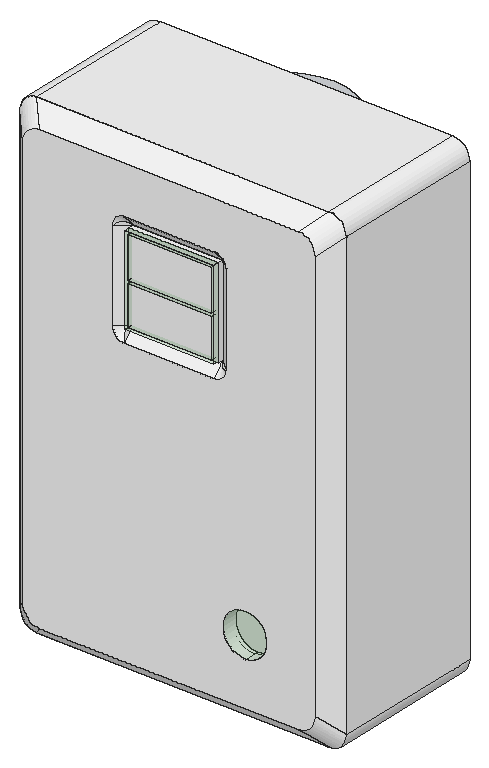
Revit family "SNS Mini Merlin CO2 AVG TFT Monitor", category Electrical Equipment, Revit 2019
Family settings
  Round Connector Dimension = Use Diameter
  Part Type = Other Panel
  OmniClass Number = 23.80.30.11.17
  OmniClass Title = Distribution Boards and Control Panels
  Work Plane-Based = No
  Always vertical = Yes
  Cut with Voids When Loaded = No
  Shared = No
  Room Calculation Point = No
Parameters (values of type "SNS Merlin CO2 24hr AVG TFT Monitor")
  Voltage = "120VAC"
  URL = "https://snsnorthern.com/product/merlin-co2-24hr-avg-tft-monitor/"
  Type Comments = "The Merlin CO2 AVG Monitor has a TFT display to show the user a clear and precise reading of the CO2 level in the room and average CO2 level over 24 & 8 hours. The monitor also provides statistics for the highest reading over a 24 hour period along with a colour system indicating the air quality in the area."
  Panel Name [instance] = (empty or 0)
  Model = "SNS Merlin CO2 24hr AVG TFT Monitor"
  Manufacturer = "S&S Northern Ltd."  # constant formula
  Load = 120 VA
  Description = "The Merlin CO2 AVG Monitor has a TFT display to show the user a clear and precise reading of the CO2 level in the room and average CO2 level over 24 & 8 hours. The monitor also provides statistics for the highest reading over a 24 hour period along with a colour system indicating the air quality in the area."
  Default Height = 4' - 0"
  Product Information = "https://snsnorthern.com/product/merlin-co2-24hr-avg-tft-monitor/"
Reference planes (in)
  plane 1 "Center (Front/Back)": y = 0
  plane 2: z = 0
  plane 3 "Center (Left/Right)": x = 0
  plane 4 "Default Height": z = 48
Forms (in)
  Extrusion 1, solid
    sketch origin (0, 0, 0) x (1, 0, 0) y (0, 1, 0)
      loop
        circle (0.00169, -0.39737) r 0.75
    from 43.60156 to 47.80315
Dimensions and locks (in)
  "Default Height": plane 4 "Default Height" to level
  aligned and locked: level to plane 2
  aligned and locked: plane 3 "Center (Left/Right)" to nested 1
  aligned and locked: nested 1 to plane 1 "Center (Front/Back)"
  aligned and locked: plane 4 "Default Height" to nested 1
Automatic sketch dimensions
  plane 3 "Center (Left/Right)" to Extrusion 1 sketch curve = 0' - 0.00169"
  plane 1 "Center (Front/Back)" to Extrusion 1 sketch curve = 0' - 0.39737"
  radius of Extrusion 1 sketch curve = 0' - 0 3/4"
Nested families (in)
  nested 1: "SNS_Mini Merlin CO2 AVG TFT Control Box" at (0, 0, 42.5), type "SNS_Mini Merlin CO2 AVG TFT Control Box"
Connectors (in)
  electrical at (0.00169, -0.39737, 43.60156)
    settings: on Extrusion 1, index 1, voltage 120 V, apparent load 0 VA, apparent load phase1 0 VA, apparent load phase2 0 VA, apparent load phase3 0 VA, power factor 1, load classification "Other", number of poles 1, system type 31, power factor state 1, is connector primary yes, connector utility yes, sub classification motor no, connector description "Power Output, 110-120AC, 50-60Hz."
  electrical at (0.00169, -0.39737, 43.60156)
    settings: on Extrusion 1, index 2, voltage 120 V, apparent load 0 VA, apparent load phase1 0 VA, apparent load phase2 0 VA, apparent load phase3 0 VA, power factor 1, load classification "Other", number of poles 1, system type 31, power factor state 1, is connector primary no, connector utility no, sub classification motor no, connector description "Mains Input 110-120VAC, 50-60HZ."
  electrical at (0.00169, -0.39737, 43.60156)
    settings: on Extrusion 1, index 3, voltage 0 V, apparent load 0 VA, apparent load phase1 0 VA, apparent load phase2 0 VA, apparent load phase3 0 VA, power factor 1, load classification "Other", number of poles 1, system type 13, power factor state 1, is connector primary no, connector utility no, sub classification motor no, connector description "Auto Reset & BMS Selection"
  electrical at (0.00169, -0.39737, 43.60156)
    settings: on Extrusion 1, index 4, voltage 0 V, apparent load 0 VA, apparent load phase1 0 VA, apparent load phase2 0 VA, apparent load phase3 0 VA, power factor 1, load classification "Other", number of poles 1, system type 13, power factor state 1, is connector primary no, connector utility no, sub classification motor no, connector description "Remote EM Stop buttons (purchased separately). VOLT FREE INPUT"
  electrical at (0.00169, -0.39737, 43.60156)
    settings: on Extrusion 1, index 5, voltage 0 V, apparent load 0 VA, apparent load phase1 0 VA, apparent load phase2 0 VA, apparent load phase3 0 VA, power factor 1, load classification "Other", number of poles 1, system type 13, power factor state 1, is connector primary no, connector utility no, sub classification motor no, connector description "Fire Panel (Supplied by others). VOLT FREE INPUT"
  electrical at (0.00169, -0.39737, 43.60156)
    settings: on Extrusion 1, index 6, voltage 0 V, apparent load 0 VA, apparent load phase1 0 VA, apparent load phase2 0 VA, apparent load phase3 0 VA, power factor 1, load classification "Other", number of poles 1, system type 13, power factor state 1, is connector primary no, connector utility no, sub classification motor no, connector description "BMS outpit contacts. Normally Closed, Common and Normally Open."
Definition of nested family "SNS_Mini Merlin CO2 AVG TFT Control Box"
  Parameters (values of type "SNS_Mini Merlin CO2 AVG TFT Control Box")
    Width [instance] = 0' - 3.74"
    Height [instance] = 0' - 5 1/2"
    Depth [instance] = 0' - 2"
  Reference planes (in)
    plane 1 "Center (Front/Back)": y = 0
    plane 2: z = 0
    plane 3 "Center (Left/Right)": x = 0
    plane 4 "Control Box Front": y = -2
    plane 5 "Control Box Left": x = -1.87
    plane 6 "Control Box Right": x = 1.87
    plane 7 "Control Box Height": z = 5.5
    plane 8: y = -1.80315
  Dimensions and locks (in)
    equal spacing: plane 5 "Control Box Left", plane 3 "Center (Left/Right)", plane 6 "Control Box Right"
    "Width": plane 5 "Control Box Left" to plane 6 "Control Box Right"
    "Height": plane 7 "Control Box Height" to level
    "Depth": plane 4 "Control Box Front" to plane 1 "Center (Front/Back)"
    locked: plane 8 to plane 4 "Control Box Front" at 0.19685
    plane 6 "Control Box Right" to plane 5 "Control Box Left" = 0' - 3.74"
    plane 6 "Control Box Right" to plane 3 "Center (Left/Right)" = 0' - 1.87"
    plane 3 "Center (Left/Right)" to plane 6 "Control Box Right" = 0' - 1.87"
    aligned and locked: level to plane 2
    aligned and locked: nested 1 to plane 1 "Center (Front/Back)"
    aligned and locked: plane 1 "Center (Front/Back)" to nested 2
    aligned and locked: nested 3 to plane 8
    aligned and locked: plane 4 "Control Box Front" to nested 1
    aligned and locked: plane 3 "Center (Left/Right)" to nested 2
    aligned and locked: plane 8 to nested 2
    aligned and locked: plane 8 to nested 3
    aligned and locked: plane 4 "Control Box Front" to nested 3
    aligned and locked: plane 7 "Control Box Height" to nested 2
    aligned and locked: plane 7 "Control Box Height" to nested 3
  Nested families (in)
    nested 1: "AGS_Detail Magenta Control Box Plan View" at (0, -1, 0), type "AGS_Detail Magenta Control Box Plan View"
      with Width 0' - 2", Length 0' - 3.74"
    nested 2: "SNS_Mini Merlin Control Box Back" at (0, 0, 0), Height <- "Height", Width <- "Width", type "SNS_Mini Merlin Control Box Back"
      with Width 0' - 3.74", Height 0' - 5 1/2", Depth 0' - 1.80315"
    nested 3: "SNS_Mini Merlin CO2 AVG TFT Control Box Cover" at (0, -1.80315, 0), Height <- "Height", Width <- "Width", type "SNS_Mini Merlin CO2 AVG TFT Control Box Cover"
      with Width 0' - 3.74", Height 0' - 5 1/2", Depth 0' - 0.19685"
  Definition of nested family "SNS_Mini Merlin Control Box Back"
    Parameters (values of type "SNS_Mini Merlin Control Box Back")
      Width [instance] = 0' - 3.7"
      Height [instance] = 0' - 5 1/2"
      Depth [instance] = 0' - 2"
    Reference planes (in)
      plane 1 "Center (Front/Back)": y = 0
      plane 2: z = 0
      plane 3 "Center (Left/Right)": x = 0
      plane 4 "Control Box Front": y = -2
      plane 5 "Control Box Left": x = -1.85
      plane 6 "Control Box Right": x = 1.85
      plane 7 "Control Box Height": z = 5.5
      plane 8 "Box Back Recess": y = -1.13386
    Forms (in)
      Extrusion 1, solid
        sketch origin (0, 0, 0) x (1, 0, 0) y (0, 0, 1)
          loop
            arc (-1.65306, 5.5) -> (-1.79232, 5.44232) -> (-1.85, 5.30306) r 0.19694
            line (-1.85, 5.30306) -> (-1.85, 0.19685)
            arc (-1.85, 0.19685) -> (-1.79234, 0.05766) -> (-1.65315, 0) r 0.19685
            line (-1.65315, 0) -> (1.65315, 0)
            arc (1.65315, 0) -> (1.79234, 0.05766) -> (1.85, 0.19685) r 0.19685
            line (1.85, 0.19685) -> (1.85, 5.30315)
            arc (1.85, 5.30315) -> (1.79234, 5.44234) -> (1.65315, 5.5) r 0.19685
            line (1.65315, 5.5) -> (-1.65306, 5.5)
        from 0.03937 to 2
    Dimensions and locks (in)
      equal spacing: plane 5 "Control Box Left", plane 3 "Center (Left/Right)", plane 6 "Control Box Right"
      "Width": plane 5 "Control Box Left" to plane 6 "Control Box Right"
      "Height": plane 7 "Control Box Height" to level
      "Depth": plane 4 "Control Box Front" to plane 1 "Center (Front/Back)"
      plane 8 "Box Back Recess" to plane 4 "Control Box Front" = 0' - 0.86614"
      plane 6 "Control Box Right" to plane 5 "Control Box Left" = 0' - 3.7"
      aligned and locked: level to plane 2
      aligned and locked: Extrusion 1 sketch curve to plane 7 "Control Box Height"
      aligned and locked: plane 5 "Control Box Left" to Extrusion 1 sketch curve
      aligned and locked: level to Extrusion 1 sketch curve
      aligned and locked: Extrusion 1 sketch curve to plane 6 "Control Box Right"
      aligned and locked: Extrusion 1 to plane 4 "Control Box Front"
    Automatic sketch dimensions
      plane 5 "Control Box Left" to Extrusion 1 sketch curve = 0' - 0.19685"
      plane 5 "Control Box Left" to Extrusion 1 sketch curve = 0' - 0.19694"
      Extrusion 1 sketch curve to plane 6 "Control Box Right" = 0' - 0.19685"
      Extrusion 1 sketch curve to Extrusion 1 sketch curve = 0' - 0.19685"
  Definition of nested family "SNS_Mini Merlin CO2 AVG TFT Control Box Cover"
    Parameters (values of type "SNS_Mini Merlin CO2 AVG TFT Control Box Cover")
      Width [instance] = 0' - 6 51/128"
      Height [instance] = 0' - 4 51/128"
      Depth [instance] = 0' - 0 51/128"
    Reference planes (in)
      plane 1 "Center (Front/Back)": y = 0
      plane 2 "Face Plate Bottom": z = 0
      plane 3 "Center (Left/Right)": x = 0
      plane 4 "Control Box Front": y = -0.39844
      plane 5 "Control Box Left": x = -1.87
      plane 6 "Control Box Right": x = 1.87
      plane 7 "Control Box Height": z = 5.5
      plane 8: x = 1.67315
      plane 9: x = -1.6825
      plane 10: z = 5.3125
      plane 11: z = 0.19685
      plane 12 "Void end": y = -0.02447
      plane 13: z = 3.93701
      plane 14 "Key Center": x = -1.22721
      plane 15 "Void End": y = -0.27344
      plane 16 "Center L/T": y = -0.33594
    Forms (in)
      Blend 1, solid
        base sketch origin (0, 0, 0) x (1, 0, 0) y (0, 0, 1)
          loop
            arc (-1.67315, 5.5) -> (-1.81234, 5.44234) -> (-1.87, 5.30315) r 0.19685
            line (-1.87, 5.30315) -> (-1.87, 0.19685)
            arc (-1.87, 0.19685) -> (-1.81234, 0.05766) -> (-1.67315, 0) r 0.19685
            line (-1.67315, 0) -> (1.67315, 0)
            arc (1.67315, 0) -> (1.81234, 0.05766) -> (1.87, 0.19685) r 0.19685
            line (1.87, 0.19685) -> (1.87, 5.30315)
            arc (1.87, 5.30315) -> (1.81234, 5.44234) -> (1.67315, 5.5) r 0.19685
            line (1.67315, 5.5) -> (-1.67315, 5.5)
        top sketch origin (0, 0, 0) x (1, 0, 0) y (0, 0, 1)
          loop
            line (-1.6825, 5.11565) -> (-1.6825, 0.3937)
            arc (-1.6825, 0.3937) -> (-1.62484, 0.25451) -> (-1.48565, 0.19685) r 0.19685
            line (-1.48565, 0.19685) -> (1.4763, 0.19685)
            arc (1.4763, 0.19685) -> (1.61549, 0.25451) -> (1.67315, 0.3937) r 0.19685
            line (1.67315, 0.3937) -> (1.67315, 5.11565)
            arc (1.67315, 5.11565) -> (1.61549, 5.25484) -> (1.4763, 5.3125) r 0.19685
            line (1.4763, 5.3125) -> (-1.48565, 5.3125)
            arc (-1.48565, 5.3125) -> (-1.62484, 5.25484) -> (-1.6825, 5.11565) r 0.19685
        from 0 to 0.39844
      Extrusion 2, void
        sketch origin (3.21536, -0.27344, -1.22938) x (0, 0, -1) y (-1, 0, 0)
          loop
            circle (-2.18577, 2.34536) r 0.25
        from -0.125 to 0.24896
      Extrusion 3, solid
        sketch origin (3.21536, -0.27344, -1.22938) x (0, 0, -1) y (-1, 0, 0)
          loop
            circle (-2.18577, 2.34536) r 0.25
        from -0.125 to 0
      Blend 4, void
        base sketch origin (0.05672, 0, -39.96077) x (1, 0, 0) y (0, 0, 1)
          loop
            line (-0.56802, 44.58477) -> (-0.56802, 43.56217) -> (0.45458, 43.56217) -> (0.45458, 44.58477) -> (-0.56802, 44.58477)
        top sketch origin (0.05672, 0, -39.96077) x (1, 0, 0) y (0, 0, 1)
          loop
            line (-0.70865, 44.58477) -> (-0.70865, 43.56217)
            arc (-0.70865, 43.56217) -> (-0.66746, 43.46273) -> (-0.56802, 43.42154) r 0.14063
            line (-0.56802, 43.42154) -> (0.45458, 43.42154)
            arc (0.45458, 43.42154) -> (0.55402, 43.46273) -> (0.59521, 43.56217) r 0.14063
            line (0.59521, 43.56217) -> (0.59521, 44.58477)
            arc (0.59521, 44.58477) -> (0.55402, 44.68421) -> (0.45458, 44.72539) r 0.14063
            line (0.45458, 44.72539) -> (-0.56802, 44.72539)
            arc (-0.56802, 44.72539) -> (-0.66746, 44.68421) -> (-0.70865, 44.58477) r 0.14063
        from 0.27344 to 0.39844
      Extrusion 5, solid
        sketch origin (0, -0.27344, 0) x (0, 0, -1) y (-1, 0, 0)
          loop
            line (-4.624, -0.5113) -> (-3.6014, -0.5113) -> (-3.6014, 0.5113) -> (-4.624, 0.5113) -> (-4.624, -0.5113)
          loop
            line (-4.59275, -0.48005) -> (-4.1127, -0.48005) -> (-4.1127, 0.48005) -> (-4.59275, 0.48005) -> (-4.59275, -0.48005)
          loop
            line (-3.63265, 0.48005) -> (-4.08145, 0.48005) -> (-4.08145, -0.48005) -> (-3.63265, -0.48005) -> (-3.63265, 0.48005)
        from -0.125 to 0
      Extrusion 6, solid
        sketch origin (0, -0.27344, 0) x (0, 0, -1) y (-1, 0, 0)
          loop
            line (-4.624, -0.5113) -> (-3.6014, -0.5113) -> (-3.6014, 0.5113) -> (-4.624, 0.5113) -> (-4.624, -0.5113)
        from -0.0625 to 0
    Cuts and joins
      Extrusion 2, Blend 4 cuts Blend 1
    Text (in)
      text "U" at (-3.5589, 0, 1.62746), in view "Front"
      text "L" at (-3.44978, 0, 1.56719), in view "Front"
      text "C              US LISTED" at (-3.69719, 0, 1.52302), in view "Front"
      text "PROC. CONT. EQ.\nE464760" at (-3.2775, 0, 1.29708), in view "Front"
    Dimensions and locks (in)
      equal spacing: plane 5 "Control Box Left", plane 3 "Center (Left/Right)", plane 6 "Control Box Right"
      plane 5 "Control Box Left" to plane 6 "Control Box Right" = 0' - 3.74"
      plane 7 "Control Box Height" to level = 0' - 5 1/2"  (x2)
      "Depth": plane 4 "Control Box Front" to plane 1 "Center (Front/Back)"
      plane 9 to plane 5 "Control Box Left" = 0' - 0 3/16"
      plane 6 "Control Box Right" to plane 8 = 0' - 0.19685"
      plane 11 to level = 0' - 0.19685"
      plane 7 "Control Box Height" to plane 10 = 0' - 0 3/16"
      plane 14 "Key Center" to plane 5 "Control Box Left" = 0' - 0.64279"
      plane 6 "Control Box Right" to plane 5 "Control Box Left" = 0' - 3.74"
      equal spacing: plane 6 "Control Box Right", plane 3 "Center (Left/Right)", plane 5 "Control Box Left"
      plane 6 "Control Box Right" to plane 3 "Center (Left/Right)" = 0' - 1.87"
      plane 6 "Control Box Right" to Extrusion 2 = 0' - 1"
      locked: plane 15 "Void End" to plane 4 "Control Box Front" at 0.125
      equal spacing: plane 15 "Void End", plane 16 "Center L/T", plane 4 "Control Box Front", locked at 0.0625 each
      locked: plane 4 "Control Box Front" to plane 1 "Center (Front/Back)" at 0.39844
      aligned and locked: level to plane 2 "Face Plate Bottom"
      aligned and locked: Blend 1 sketch curve to plane 7 "Control Box Height"
      aligned and locked: plane 5 "Control Box Left" to Blend 1 sketch curve
      aligned and locked: Blend 1 sketch curve to plane 6 "Control Box Right"
      aligned and locked: Blend 1 to plane 4 "Control Box Front"
      aligned and locked: plane 10 to Blend 1 sketch curve
      aligned and locked: plane 8 to var sketch
      aligned and locked: Extrusion 2 to plane 4 "Control Box Front"
      aligned and locked: Extrusion 2 to plane 12 "Void end"
      aligned and locked: Blend 4 to plane 4 "Control Box Front"
      aligned and locked: plane 15 "Void End" to Blend 4
      aligned and locked: Extrusion 3 to plane 4 "Control Box Front"
      aligned and locked: plane 15 "Void End" to Extrusion 3
      aligned and locked: Extrusion 6 to plane 16 "Center L/T"
      aligned and locked: Extrusion 5 to plane 4 "Control Box Front"
      aligned and locked: plane 15 "Void End" to Extrusion 5
      aligned and locked: plane 15 "Void End" to Extrusion 6
      aligned and locked: plane 4 "Control Box Front" to Extrusion 5  (x2)
      aligned and locked: plane 15 "Void End" to cut or joined group of Blend 1, Extrusion 2, Blend 4
      aligned and locked: Extrusion 6 to plane 15 "Void End"
    Automatic sketch dimensions
      Blend 1 sketch curve to level = 0' - 0"
      plane 5 "Control Box Left" to Blend 1 sketch curve = 0' - 0.19685"
      Blend 1 sketch curve to Blend 1 sketch curve = 0' - 0.19685"
      Blend 1 sketch curve to plane 6 "Control Box Right" = 0' - 0.19685"  (x2)
      plane 9 to Blend 1 sketch curve = 0' - 0"
      Blend 1 sketch curve to plane 11 = 0' - 0"
      Blend 1 sketch curve to plane 8 = 0' - 0"
      Blend 1 sketch curve to plane 9 = 0' - 0.19685"  (x2)
      Blend 1 sketch curve to plane 8 = 0' - 0.19685"  (x2)
      plane 3 "Center (Left/Right)" to Extrusion 2 sketch curve = 0' - 0.87"
      level to Extrusion 2 sketch curve = 0' - 0.9564"
      level to Extrusion 3 sketch curve = 0' - 0.9564"
      plane 3 "Center (Left/Right)" to Extrusion 3 sketch curve = 0' - 0.87"
      plane 14 "Key Center" to Blend 4 sketch curve = 0' - 0.57528"
      Blend 4 sketch curve to Blend 4 sketch curve = 0' - 0 9/64"  (x3)
      plane 3 "Center (Left/Right)" to Blend 4 sketch curve = 0' - 0.5113"  (x2)
      Blend 4 sketch curve to plane 13 = 0' - 0.33561"  (x3)
      plane 13 to Blend 4 sketch curve = 0' - 0.68699"  (x2)
      Blend 4 sketch curve to plane 3 "Center (Left/Right)" = 0' - 0.5113"
      plane 13 to Extrusion 5 sketch curve = 0' - 0.68699"
      Extrusion 5 sketch curve to Extrusion 5 sketch curve = 0' - 0 1/32"  (x5)
      Extrusion 5 sketch curve to plane 13 = 0' - 0.33561"
      plane 3 "Center (Left/Right)" to Extrusion 5 sketch curve = 0' - 0.5113"
      Extrusion 5 sketch curve to plane 3 "Center (Left/Right)" = 0' - 0.48005"
      plane 13 to Extrusion 5 sketch curve = 0' - 0.14444"
      Extrusion 5 sketch curve to Extrusion 5 sketch curve = 0' - 0"  (x2)
      plane 13 to Extrusion 6 sketch curve = 0' - 0.68699"
      plane 3 "Center (Left/Right)" to Extrusion 6 sketch curve = 0' - 0.5113"
      Extrusion 6 sketch curve to plane 3 "Center (Left/Right)" = 0' - 0.5113"
      Extrusion 6 sketch curve to plane 13 = 0' - 0.33561"
      radius of Extrusion 2 sketch curve = 0' - 0 1/4"
      radius of Extrusion 3 sketch curve = 0' - 0 1/4"
  Definition of nested family "AGS_Detail Magenta Control Box Plan View"
    Parameters (values of type "AGS_Detail Magenta Control Box Plan View")
      Width [instance] = 4' - 5.2599"
      Length [instance] = 3' - 11.34351"
    Reference planes (in)
      plane 1 "Center (Front/Back)": y = 0
      plane 2: z = 0
      plane 3 "Center (Left/Right)": x = 0
      plane 4: y = 26.62995
      plane 5: y = -26.62995
      plane 6: x = 23.67175
      plane 7: x = -23.67175
    Lines and regions (in)
      Filled region 1, type "Solid Fill - Magenta", in view "Ref. Level"
        outline origin (0, 0, 0) x (1, 0, 0) y (0, 1, 0)
          loop
            line (-23.67175, 26.62995) -> (-23.67175, -26.62995) -> (23.67175, -26.62995) -> (23.67175, 26.62995) -> (-23.67175, 26.62995)
    Dimensions and locks (in)
      equal spacing: plane 4, plane 1 "Center (Front/Back)", plane 5
      equal spacing: plane 7, plane 3 "Center (Left/Right)", plane 6
      "Length": plane 7 to plane 6
      "Width": plane 4 to plane 5
      aligned and locked: Filled region 1 sketch curve to plane 4
      aligned and locked: Filled region 1 sketch curve to plane 6
      aligned and locked: plane 5 to Filled region 1 sketch curve
      aligned and locked: plane 7 to Filled region 1 sketch curve
